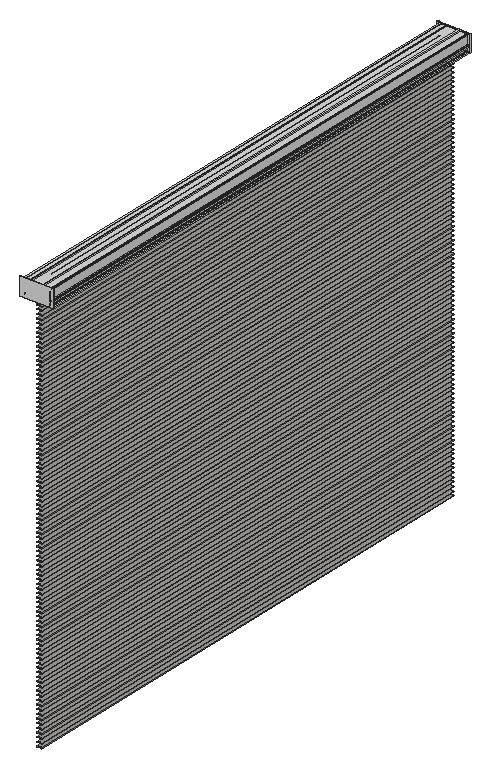
Revit family "BTBV120カーテン・バーチカルブラインド（別途）", category 一般モデル, Revit 2022
Family settings
  鉄筋をホスト可能 = いいえ
  丸型コネクタ寸法 = 直径を使用
  パーツ タイプ = 標準
  作業面ベース = はい
  常に垂直 = はい
  ロード時にボイドで切り取り = いいえ
  注釈の向きを維持 = いいえ
  共有 = いいえ
  部屋計算ポイント = いいえ
Parameters
  説明 = "㈱ツヅキ ボックストップ"
  製造元 = "㈱ツヅキ"
  色 = アルミニウム 6063S-T5 シルバー(R) (株)ツヅキ BT
  Default Elevation = 1219.2 mm
  ベネシャンブラインド表示/非表示 = yes
  ベネシャンブラインドスラット角度 = 0.00°
  バーチカルブラインド表示/非表示 = no
  カーテン開口率 = 50
  カーテン表示/非表示 = no
  カーテン・ブラインド長さ = L寸法 - 30 mm  # 2470 mm
  ブラインド スラット角度 = 15.00°
  カーテン・ブラインド高さ = 2000 mm
  カーテン・ブラインド 色 = ファブリック
  URL = "https://tuzuki.co.jp/cad/boxtop-cad/"
  L寸法 = 2500 mm
Reference planes
  plane 1 "中心(正面/背面)": y = 0
  plane 2: z = 0
  plane 3 "中心(左/右)": x = 0
  plane 4: y = -2500
  plane 5: x = -60
  plane 6: x = 60
  plane 7: y = -2502
  plane 8: y = 2
  plane 9: y = -2450
  plane 10 "カーテン取付レベル": z = 63.6
  plane 11: z = -1936.4
  plane 12: y = -2485
Forms (mm)
  Extrusion 1, solid, material "アルミニウム 6063S-T5 シルバー(R) (株)ツヅキ BT" <- "色"
    sketch origin (0, 0, 0) x (1, 0, 0) y (0, 0, 1)
      loop
        line (-65.516, 22.125) -> (-66.8, 21.383) -> (-66.8, 19.7) -> (-61.4, 19.7) -> (-61.4, 9.8)
        arc (-61.4, 9.8) -> (-61.1, 9.5) -> (-61.4, 9.2) r 0.3
        line (-61.4, 9.2) -> (-61.4, 5) -> (-63, 5) -> (-63, 3.7) -> (-61.4, 3.7) -> (-61.4, 1.5) -> (-78.7, 1.5) -> (-78.7, 3.7) -> (-77, 3.7) -> (-77, 5) -> (-80, 5) -> (-80, 0) -> (-70.3, 0)
        arc (-70.3, 0) -> (-70, 0.3) -> (-69.7, 0) r 0.3
        line (-69.7, 0) -> (-60, 0) -> (-60, 19.6) -> (-57.4, 19.6) -> (-57.4, 14.786) -> (-56.2, 13.741) -> (-56.2, 21) -> (-60, 21) -> (-60, 78.6) -> (0.185, 78.6) -> (60, 78.6) -> (60, 21) -> (56.2, 21) -> (56.2, 13.741) -> (57.4, 14.786) -> (57.4, 19.6) -> (60, 19.6) -> (60, 0) -> (69.911, 0) -> (80, 0) -> (80, 5) -> (77, 5) -> (77, 3.7) -> (78.7, 3.7) -> (78.7, 1.5) -> (61.4, 1.5) -> (61.4, 3.7) -> (63, 3.7) -> (63, 5) -> (61.4, 5) -> (61.4, 19.7) -> (66.8, 19.7) -> (66.8, 21.383) -> (65.516, 22.125)
        arc (65.516, 22.125) -> (62.25, 23) -> (65.516, 23.875) r 1.75
        line (65.516, 23.875) -> (66.8, 24.617) -> (66.8, 33) -> (65.6, 33) -> (65.419, 26.621)
        arc (65.419, 26.621) -> (65.221, 26.237) -> (64.797, 26.151) r 0.5
        arc (64.797, 26.151) -> (63.44, 26.201) -> (62.18, 25.693) r 3.25
        arc (62.18, 25.693) -> (61.665, 25.665) -> (61.4, 26.107) r 0.5
        line (61.4, 26.107) -> (61.4, 73.593)
        arc (61.4, 73.593) -> (61.665, 74.035) -> (62.18, 74.007) r 0.5
        arc (62.18, 74.007) -> (64.24, 73.459) -> (66.197, 74.305) r 3.25
        arc (66.197, 74.305) -> (66.243, 75.365) -> (65.183, 75.411) r 0.75
        arc (65.183, 75.411) -> (62.25, 76.7) -> (65.183, 77.989) r 1.75
        arc (65.183, 77.989) -> (66.107, 77.919) -> (66.395, 78.8) r 0.75
        line (66.395, 78.8) -> (69.8, 78.8) -> (69.8, 77.629) -> (71.73, 78.899)
        arc (71.73, 78.899) -> (71.975, 79.572) -> (71.4, 80) r 0.6
        line (71.4, 80) -> (33, 80) -> (33, 84.8) -> (27, 84.8) -> (27, 83.5) -> (31.7, 83.5) -> (31.7, 80) -> (-31.7, 80) -> (-31.7, 83.5) -> (-27, 83.5) -> (-27, 84.8) -> (-33, 84.8) -> (-33, 80) -> (-65.94, 80)
        arc (-65.94, 80) -> (-66.294, 79.854) -> (-66.44, 79.5) r 0.5
        line (-66.44, 79.5) -> (-66.44, 78.519)
        arc (-66.44, 78.519) -> (-65.982, 77.851) -> (-65.183, 77.989) r 0.75
        arc (-65.183, 77.989) -> (-62.25, 76.7) -> (-65.183, 75.411) r 1.75
        arc (-65.183, 75.411) -> (-66.243, 75.365) -> (-66.197, 74.305) r 0.75
        arc (-66.197, 74.305) -> (-64.24, 73.459) -> (-62.18, 74.007) r 3.25
        arc (-62.18, 74.007) -> (-61.665, 74.035) -> (-61.4, 73.593) r 0.5
        line (-61.4, 73.593) -> (-61.4, 26.107)
        arc (-61.4, 26.107) -> (-61.665, 25.665) -> (-62.18, 25.693) r 0.5
        arc (-62.18, 25.693) -> (-63.44, 26.201) -> (-64.797, 26.151) r 3.25
        arc (-64.797, 26.151) -> (-65.221, 26.237) -> (-65.419, 26.621) r 0.5
        line (-65.419, 26.621) -> (-65.6, 33) -> (-66.8, 33) -> (-66.8, 24.617) -> (-65.516, 23.875)
        arc (-65.516, 23.875) -> (-62.25, 23) -> (-65.516, 22.125) r 1.75
    from 0 to 2500
  Extrusion 2, solid, material "アルミニウム 6063S-T5 シルバー(R) (株)ツヅキ BT" <- "色"
    sketch origin (0, 0, 0) x (1, 0, 0) y (0, 0, 1)
      loop
        line (-80, 0) -> (80, 0) -> (80, 84.8) -> (-80, 84.8) -> (-80, 0)
    from 0 to -2
  Extrusion 3, solid, material "アルミニウム 6063S-T5 シルバー(R) (株)ツヅキ BT" <- "色"
    sketch origin (0, -1013.199, 0) x (1, 0, 0) y (0, 0, 1)
      loop
        line (-80, 0) -> (80, 0) -> (80, 84.8) -> (-80, 84.8) -> (-80, 0)
    from 1488.801 to 1486.801
Dimensions and locks
  equal spacing: plane 6, plane 3 "中心(左/右)", plane 5
  plane 6 to plane 5 = 120 mm
  "L寸法": plane 4 to plane 1 "中心(正面/背面)"  (x2)
  locked: plane 4 to plane 7 at 2
  locked: plane 1 "中心(正面/背面)" to plane 8 at 2
  locked: plane 4 to plane 9 at 50
  "カーテン・ブラインド高さ": plane 10 "カーテン取付レベル" to plane 11
  locked: plane 4 to plane 12 at 15
  aligned and locked: level to plane 2
  aligned and locked: Extrusion 1 to plane 1 "中心(正面/背面)"
  aligned and locked: plane 4 to Extrusion 1
  aligned and locked: plane 5 to Extrusion 1
  aligned and locked: plane 6 to Extrusion 1
  aligned and locked: plane 1 "中心(正面/背面)" to Extrusion 1
  aligned and locked: Extrusion 1 to plane 4
  aligned and locked: Extrusion 3 to plane 4
  aligned and locked: plane 1 "中心(正面/背面)" to Extrusion 2
  aligned and locked: plane 8 to Extrusion 2
  aligned and locked: plane 7 to Extrusion 3
  aligned and locked: nested 1 to plane 3 "中心(左/右)"
  aligned and locked: plane 10 "カーテン取付レベル" to nested 1
  aligned and locked: nested 1 to plane 9
  aligned and locked: plane 12 to nested 2
  aligned and locked: plane 10 "カーテン取付レベル" to nested 2
  aligned and locked: plane 11 to nested 2
  aligned and locked: nested 2 to plane 3 "中心(左/右)"
  aligned and locked: plane 10 "カーテン取付レベル" to nested 3
  aligned and locked: nested 3 to plane 12
Automatic sketch dimensions
  Extrusion 1 sketch curve to Extrusion 1 sketch curve = 0 mm  (x19)
  Extrusion 1 sketch curve to level = 0 mm  (x2)
  Extrusion 1 sketch curve to plane 5 = 0 mm  (x2)
  Extrusion 1 sketch curve to plane 6 = 0 mm  (x2)
  Extrusion 1 sketch curve to plane 5 = 1.4 mm  (x2)
  Extrusion 1 sketch curve to Extrusion 1 sketch curve = 0.5 mm  (x7)
  Extrusion 1 sketch curve to Extrusion 1 sketch curve = 1.6 mm  (x3)
  Extrusion 1 sketch curve to Extrusion 1 sketch curve = 2.1 mm  (x4)
  Extrusion 1 sketch curve to Extrusion 1 sketch curve = 3.02 mm  (x2)
  Extrusion 1 sketch curve to Extrusion 1 sketch curve = 1.516 mm  (x4)
  Extrusion 1 sketch curve to plane 5 = 5.6 mm
  Extrusion 1 sketch curve to Extrusion 1 sketch curve = 1.69 mm  (x4)
  Extrusion 1 sketch curve to Extrusion 1 sketch curve = 0.25 mm
  Extrusion 1 sketch curve to Extrusion 1 sketch curve = 1.284 mm  (x3)
  Extrusion 1 sketch curve to Extrusion 1 sketch curve = 1.2 mm  (x3)
  Extrusion 1 sketch curve to Extrusion 1 sketch curve = 6.7 mm  (x2)
  Extrusion 1 sketch curve to Extrusion 1 sketch curve = 0.3 mm  (x2)
  Extrusion 1 sketch curve to Extrusion 1 sketch curve = 1.7 mm  (x2)
  Extrusion 1 sketch curve to Extrusion 1 sketch curve = 1.3 mm  (x10)
  plane 5 to Extrusion 1 sketch curve = 2.6 mm
  plane 5 to Extrusion 1 sketch curve = 27 mm
  Extrusion 1 sketch curve to Extrusion 1 sketch curve = 4.7 mm  (x2)
  plane 3 "中心(左/右)" to Extrusion 1 sketch curve = 0.185 mm
  plane 3 "中心(左/右)" to Extrusion 1 sketch curve = 27 mm
  Extrusion 1 sketch curve to Extrusion 1 sketch curve = 3.8 mm
  plane 6 to Extrusion 1 sketch curve = 1.4 mm  (x2)
  plane 6 to Extrusion 1 sketch curve = 5.6 mm
  Extrusion 1 sketch curve to Extrusion 1 sketch curve = 0.704 mm
  Extrusion 1 sketch curve to Extrusion 1 sketch curve = 3.405 mm
  Extrusion 1 sketch curve to Extrusion 1 sketch curve = 6.911 mm
  Extrusion 1 sketch curve to Extrusion 1 sketch curve = 0.33 mm
  level to Extrusion 1 sketch curve = 3.7 mm
  Extrusion 1 sketch curve to Extrusion 1 sketch curve = 7.089 mm
  level to Extrusion 1 sketch curve = 1.5 mm  (x2)
  Extrusion 1 sketch curve to Extrusion 1 sketch curve = 2.2 mm  (x3)
  Extrusion 1 sketch curve to Extrusion 1 sketch curve = 4.2 mm
  Extrusion 1 sketch curve to Extrusion 1 sketch curve = 8.741 mm
  Extrusion 1 sketch curve to Extrusion 1 sketch curve = 3.941 mm
  Extrusion 1 sketch curve to Extrusion 1 sketch curve = 1.046 mm  (x2)
  Extrusion 1 sketch curve to Extrusion 1 sketch curve = 4.814 mm  (x2)
  Extrusion 1 sketch curve to Extrusion 1 sketch curve = 0.1 mm  (x2)
  Extrusion 1 sketch curve to Extrusion 1 sketch curve = 1.4 mm  (x2)
  Extrusion 1 sketch curve to Extrusion 1 sketch curve = 1.683 mm  (x2)
  Extrusion 1 sketch curve to Extrusion 1 sketch curve = 0.742 mm  (x4)
  Extrusion 1 sketch curve to Extrusion 1 sketch curve = 0.875 mm  (x2)
  Extrusion 1 sketch curve to Extrusion 1 sketch curve = 3.107 mm  (x2)
  Extrusion 1 sketch curve to Extrusion 1 sketch curve = 2.005 mm  (x2)
  Extrusion 1 sketch curve to Extrusion 1 sketch curve = 0.014 mm  (x2)
  Extrusion 1 sketch curve to Extrusion 1 sketch curve = 6.379 mm  (x2)
  Extrusion 1 sketch curve to Extrusion 1 sketch curve = 40.593 mm  (x2)
  Extrusion 1 sketch curve to Extrusion 1 sketch curve = 1.265 mm  (x2)
  Extrusion 1 sketch curve to Extrusion 1 sketch curve = 1.842 mm  (x3)
  Extrusion 1 sketch curve to Extrusion 1 sketch curve = 2.771 mm
  Extrusion 1 sketch curve to Extrusion 1 sketch curve = 1.819 mm
  Extrusion 1 sketch curve to Extrusion 1 sketch curve = 0.023 mm
  Extrusion 1 sketch curve to Extrusion 1 sketch curve = 1.9 mm
  Extrusion 1 sketch curve to Extrusion 1 sketch curve = 1.171 mm
  Extrusion 1 sketch curve to Extrusion 1 sketch curve = 0.099 mm
  Extrusion 1 sketch curve to Extrusion 1 sketch curve = 0.501 mm
  Extrusion 1 sketch curve to Extrusion 1 sketch curve = 0.981 mm
  Extrusion 1 sketch curve to Extrusion 1 sketch curve = 3.5 mm  (x2)
  Extrusion 2 sketch curve to level = 0 mm
  Extrusion 2 sketch curve to plane 5 = 20 mm
  plane 6 to Extrusion 2 sketch curve = 20 mm
  level to Extrusion 2 sketch curve = 84.8 mm
  Extrusion 3 sketch curve to level = 0 mm
  Extrusion 3 sketch curve to plane 5 = 20 mm
  plane 6 to Extrusion 3 sketch curve = 20 mm
  level to Extrusion 3 sketch curve = 84.8 mm
Nested families
  nested 1: "バーチカルブラインド（別途）" at (0, -2450, 63.6) x (-1, 0, 0) z (0, 0, -1), type "バーチカルブラインド（別途）"
    with 表示・非表示 no, ブラインド長さ 2470 mm, スラット枚数 25
  nested 2: "カーテン（別途）" at (0, -2485, 63.6) x (0, 1, 0) z (0, 0, 1), type "カーテン（別途）"
    with 開口率 調整 50, 開口率 50, 長さ 2470 mm, カーテン表示 no, カーテン畳み代 1235 mm, カーテン幅 100 mm
  nested 3: "ベネシャンブラインド（別途）" at (0, -15, 63.6) x (-1, 0, 0) z (0, 0, 1), visible <- "ベネシャンブラインド表示/非表示", type "ベネシャンブラインド（別途）"
    with ブラインド長さ 2470 mm, スラット角度 0.00°
Definition of nested family "ベネシャンブラインド（別途）"
  Parameters (values of type "ベネシャンブラインド（別途）")
    スラットピッチ = 20 mm
    表示非表示 = yes
    ブラインド高さ = 2000 mm
    ブラインド長さ = 1200 mm
    スラット角度 = 60.00°
    Default Elevation = 0 mm
    スラット色 = none
    スラット枚数 = (ブラインド高さ - 50 mm) / スラットピッチ  # 98
  Reference planes
    plane 1 "中心(正面/背面)": y = 0
    plane 2: z = 0
    plane 3 "中心(左/右)": x = 0
    plane 4: y = 1200
    plane 5: z = -44.577
    plane 6: z = -64.577
    plane 7: z = -84.577
    plane 8: z = -104.577
    plane 9: z = -124.577
    plane 10: z = -144.577
    plane 11: z = -164.577
    plane 12: z = -184.577
    plane 13: z = -204.577
    plane 14: z = -224.577
    plane 15: z = -244.577
    plane 16: z = -264.577
    plane 17: z = -284.577
    plane 18: z = -304.577
    plane 19: z = -324.577
    plane 20: z = -344.577
    plane 21: z = -364.577
    plane 22: z = -384.577
    plane 23: z = -404.577
    plane 24: z = -424.577
    plane 25: z = -444.577
    plane 26: z = -464.577
    plane 27: z = -484.577
    plane 28: z = -504.577
    plane 29: z = -524.577
    plane 30: z = -544.577
    plane 31: z = -564.577
    plane 32: z = -584.577
    plane 33: z = -604.577
    plane 34: z = -624.577
    plane 35: z = -644.577
    plane 36: z = -664.577
    plane 37: z = -684.577
    plane 38: z = -704.577
    plane 39: z = -724.577
    plane 40: z = -744.577
    plane 41: z = -764.577
    plane 42: z = -784.577
    plane 43: z = -804.577
    plane 44: z = -824.577
    plane 45: z = -844.577
    plane 46: z = -864.577
    plane 47: z = -884.577
    plane 48: z = -904.577
    plane 49: z = -924.577
    plane 50: z = -944.577
    plane 51: z = -964.577
    plane 52: z = -984.577
    plane 53: z = -1004.577
    plane 54: z = -1024.577
    plane 55: z = -1044.577
    plane 56: z = -1064.577
    plane 57: z = -1084.577
    plane 58: z = -1104.577
    plane 59: z = -1124.577
    plane 60: z = -1144.577
    plane 61: z = -1164.577
    plane 62: z = -1184.577
    plane 63: z = -1204.577
    plane 64: z = -1224.577
    plane 65: z = -1244.577
    plane 66: z = -1264.577
    plane 67: z = -1284.577
    plane 68: z = -1304.577
    plane 69: z = -1324.577
    plane 70: z = -1344.577
    plane 71: z = -1364.577
    plane 72: z = -1384.577
    plane 73: z = -1404.577
    plane 74: z = -1424.577
    plane 75: z = -1444.577
    plane 76: z = -1464.577
    plane 77: z = -1484.577
    plane 78: z = -1504.577
    plane 79: z = -1524.577
    plane 80: z = -1544.577
    plane 81: z = -1564.577
    plane 82: z = -1584.577
    plane 83: z = -1604.577
    plane 84: z = -1624.577
    plane 85: z = -1644.577
    plane 86: z = -1664.577
    plane 87: z = -1684.577
    plane 88: z = -1704.577
    plane 89: z = -1724.577
    plane 90: z = -1744.577
    plane 91: z = -1764.577
    plane 92: z = -1784.577
    plane 93: z = -1804.577
    plane 94: z = -1824.577
    plane 95: z = -1844.577
    plane 96: z = -1864.577
    plane 97: z = -1884.577
    plane 98: z = -1904.577
    plane 99: z = -1924.577
    plane 100: z = -1944.577
    plane 101: z = -1964.577
    plane 102: z = -1984.577
  Forms (mm)
    Extrusion 1, solid, material <- "スラット色", visible <- "表示非表示"
      sketch origin (0, 0, 0) x (1, 0, 0) y (0, 0, 1)
        loop
          line (-27, 0) -> (-27, -37) -> (27, -37) -> (27, 0) -> (-27, 0)
      from -1200 to 0
  Dimensions and locks
    equal spacing: group 1, group 2, group 3, group 4, group 5, group 6, group 7, group 8, group 9, group 10, group 11, group 12, group 13, group 14, group 15, group 16, group 17, group 18, group 19, group 20, group 21, group 22, group 23, group 24, group 25, group 26, group 27, group 28, group 29, group 30, group 31, group 32, group 33, group 34, group 35, group 36, group 37, group 38, group 39, group 40, group 41, group 42, group 43, group 44, group 45, group 46, group 47, group 48, group 49, group 50, group 51, group 52, group 53, group 54, group 55, group 56, group 57, group 58, group 59, group 60, group 61, group 62, group 63, group 64, group 65, group 66, group 67, group 68, group 69, group 70, group 71, group 72, group 73, group 74, group 75, group 76, group 77, group 78, group 79, group 80, group 81, group 82, group 83, group 84, group 85, group 86, group 87, group 88, group 89, group 90, group 91, group 92, group 93, group 94, group 95, group 96, group 97, group 98  (x2)
    equal spacing: group 98, group 97, group 96, group 95, group 94, group 93, group 92, group 91, group 90, group 89, group 88, group 87, group 86, group 85, group 84, group 83, group 82, group 81, group 80, group 79, group 78, group 77, group 76, group 75, group 74, group 73, group 72, group 71, group 70, group 69, group 68, group 67, group 66, group 65, group 64, group 63, group 62, group 61, group 60, group 59, group 58, group 57, group 56, group 55, group 54, group 53, group 52, group 51, group 50, group 49, group 48, group 47, group 46, group 45, group 44, group 43, group 42, group 41, group 40, group 39, group 38, group 37, group 36, group 35, group 34, group 33, group 32, group 31, group 30, group 29, group 28, group 27, group 26, group 25, group 24, group 23, group 22, group 21, group 20, group 19, group 18, group 17, group 16, group 15, group 14, group 13, group 12, group 11, group 10, group 9, group 8, group 7, group 6, group 5, group 4, group 3, group 2, group 1
    "ブラインド長さ": plane 1 "中心(正面/背面)" to plane 4
    "スラットピッチ": plane 5 to plane 6
    aligned and locked: level to plane 2
    aligned and locked: nested 1 to plane 4
    aligned and locked: nested 1 to Extrusion 1
    aligned and locked: plane 1 "中心(正面/背面)" to Extrusion 1
    aligned and locked: Extrusion 1 to plane 1 "中心(正面/背面)"
    aligned and locked: Extrusion 1 to plane 4
    aligned and locked: nested 1 to plane 5
    aligned and locked: nested 2 to plane 6
    aligned and locked: nested 3 to plane 7
    aligned and locked: nested 4 to plane 8
    aligned and locked: nested 5 to plane 9
    aligned and locked: nested 6 to plane 10
    aligned and locked: nested 7 to plane 11
    aligned and locked: nested 8 to plane 12
    aligned and locked: nested 9 to plane 13
    aligned and locked: nested 10 to plane 14
    aligned and locked: nested 11 to plane 15
    aligned and locked: nested 12 to plane 16
    aligned and locked: nested 13 to plane 17
    aligned and locked: nested 14 to plane 18
    aligned and locked: nested 15 to plane 19
    aligned and locked: nested 16 to plane 20
    aligned and locked: nested 17 to plane 21
    aligned and locked: nested 18 to plane 22
    aligned and locked: nested 19 to plane 23
    aligned and locked: nested 20 to plane 24
    aligned and locked: nested 21 to plane 25
    aligned and locked: nested 22 to plane 26
    aligned and locked: nested 23 to plane 27
    aligned and locked: nested 24 to plane 28
    aligned and locked: nested 25 to plane 29
    aligned and locked: nested 26 to plane 30
    aligned and locked: nested 27 to plane 31
    aligned and locked: nested 28 to plane 32
    aligned and locked: nested 29 to plane 33
    aligned and locked: nested 30 to plane 34
    aligned and locked: nested 31 to plane 35
    aligned and locked: nested 32 to plane 36
    aligned and locked: nested 33 to plane 37
    aligned and locked: nested 34 to plane 38
    aligned and locked: nested 35 to plane 39
    aligned and locked: nested 36 to plane 40
    aligned and locked: nested 37 to plane 41
    aligned and locked: nested 38 to plane 42
    aligned and locked: nested 39 to plane 43
    aligned and locked: nested 40 to plane 44
    aligned and locked: nested 41 to plane 45
    aligned and locked: nested 42 to plane 46
    aligned and locked: nested 43 to plane 47
    aligned and locked: nested 44 to plane 48
    aligned and locked: nested 45 to plane 49
    aligned and locked: nested 46 to plane 50
    aligned and locked: nested 47 to plane 51
    aligned and locked: nested 48 to plane 52
    aligned and locked: nested 49 to plane 53
    aligned and locked: nested 50 to plane 54
    aligned and locked: nested 51 to plane 55
    aligned and locked: nested 52 to plane 56
    aligned and locked: nested 53 to plane 57
    aligned and locked: nested 54 to plane 58
    aligned and locked: nested 55 to plane 59
    aligned and locked: nested 56 to plane 60
    aligned and locked: nested 57 to plane 61
    aligned and locked: nested 58 to plane 62
    aligned and locked: nested 59 to plane 63
    aligned and locked: nested 60 to plane 64
    aligned and locked: nested 61 to plane 65
    aligned and locked: nested 62 to plane 66
    aligned and locked: nested 63 to plane 67
    aligned and locked: nested 64 to plane 68
    aligned and locked: nested 65 to plane 69
    aligned and locked: nested 66 to plane 70
    aligned and locked: nested 67 to plane 71
    aligned and locked: nested 68 to plane 72
    aligned and locked: nested 69 to plane 73
    aligned and locked: nested 70 to plane 74
    aligned and locked: nested 71 to plane 75
    aligned and locked: nested 72 to plane 76
    aligned and locked: nested 73 to plane 77
    aligned and locked: nested 74 to plane 78
    aligned and locked: nested 75 to plane 79
    aligned and locked: nested 76 to plane 80
    aligned and locked: nested 77 to plane 81
    aligned and locked: nested 78 to plane 82
    aligned and locked: nested 79 to plane 83
    aligned and locked: nested 80 to plane 84
    aligned and locked: nested 81 to plane 85
    aligned and locked: nested 82 to plane 86
    aligned and locked: nested 83 to plane 87
    aligned and locked: nested 84 to plane 88
    aligned and locked: nested 85 to plane 89
    aligned and locked: nested 86 to plane 90
    aligned and locked: nested 87 to plane 91
    aligned and locked: nested 88 to plane 92
    aligned and locked: nested 89 to plane 93
    aligned and locked: nested 90 to plane 94
    aligned and locked: nested 91 to plane 95
    aligned and locked: nested 92 to plane 96
    aligned and locked: nested 93 to plane 97
    aligned and locked: nested 94 to plane 98
    aligned and locked: nested 95 to plane 99
    aligned and locked: nested 96 to plane 100
    aligned and locked: nested 97 to plane 101
    aligned and locked: nested 98 to plane 102
  Automatic sketch dimensions
    Extrusion 1 sketch curve to level = 0 mm
    Extrusion 1 sketch curve to plane 3 "中心(左/右)" = 27 mm
    plane 3 "中心(左/右)" to Extrusion 1 sketch curve = 27 mm
    Extrusion 1 sketch curve to level = 37 mm
  Nested families
    nested 1: "スラットB" at (0, 0, -55.414), visible <- "表示非表示", type "スラットB"
      with 角度 60.00°, スラット長さ 1200 mm
    nested 2: "スラットB" at (0, 0, -75.414), visible <- "表示非表示", type "スラットB"
      with 角度 60.00°, スラット長さ 1200 mm
    nested 3: "スラットB" at (0, 0, -95.414), visible <- "表示非表示", type "スラットB"
      with 角度 60.00°, スラット長さ 1200 mm
    nested 4: "スラットB" at (0, 0, -115.414), visible <- "表示非表示", type "スラットB"
      with 角度 60.00°, スラット長さ 1200 mm
    nested 5: "スラットB" at (0, 0, -135.414), visible <- "表示非表示", type "スラットB"
      with 角度 60.00°, スラット長さ 1200 mm
    nested 6: "スラットB" at (0, 0, -155.414), visible <- "表示非表示", type "スラットB"
      with 角度 60.00°, スラット長さ 1200 mm
    nested 7: "スラットB" at (0, 0, -175.414), visible <- "表示非表示", type "スラットB"
      with 角度 60.00°, スラット長さ 1200 mm
    nested 8: "スラットB" at (0, 0, -195.414), visible <- "表示非表示", type "スラットB"
      with 角度 60.00°, スラット長さ 1200 mm
    nested 9: "スラットB" at (0, 0, -215.414), visible <- "表示非表示", type "スラットB"
      with 角度 60.00°, スラット長さ 1200 mm
    nested 10: "スラットB" at (0, 0, -235.414), visible <- "表示非表示", type "スラットB"
      with 角度 60.00°, スラット長さ 1200 mm
    nested 11: "スラットB" at (0, 0, -255.414), visible <- "表示非表示", type "スラットB"
      with 角度 60.00°, スラット長さ 1200 mm
    nested 12: "スラットB" at (0, 0, -275.414), visible <- "表示非表示", type "スラットB"
      with 角度 60.00°, スラット長さ 1200 mm
    nested 13: "スラットB" at (0, 0, -295.414), visible <- "表示非表示", type "スラットB"
      with 角度 60.00°, スラット長さ 1200 mm
    nested 14: "スラットB" at (0, 0, -315.414), visible <- "表示非表示", type "スラットB"
      with 角度 60.00°, スラット長さ 1200 mm
    nested 15: "スラットB" at (0, 0, -335.414), visible <- "表示非表示", type "スラットB"
      with 角度 60.00°, スラット長さ 1200 mm
    nested 16: "スラットB" at (0, 0, -355.414), visible <- "表示非表示", type "スラットB"
      with 角度 60.00°, スラット長さ 1200 mm
    nested 17: "スラットB" at (0, 0, -375.414), visible <- "表示非表示", type "スラットB"
      with 角度 60.00°, スラット長さ 1200 mm
    nested 18: "スラットB" at (0, 0, -395.414), visible <- "表示非表示", type "スラットB"
      with 角度 60.00°, スラット長さ 1200 mm
    nested 19: "スラットB" at (0, 0, -415.414), visible <- "表示非表示", type "スラットB"
      with 角度 60.00°, スラット長さ 1200 mm
    nested 20: "スラットB" at (0, 0, -435.414), visible <- "表示非表示", type "スラットB"
      with 角度 60.00°, スラット長さ 1200 mm
    nested 21: "スラットB" at (0, 0, -455.414), visible <- "表示非表示", type "スラットB"
      with 角度 60.00°, スラット長さ 1200 mm
    nested 22: "スラットB" at (0, 0, -475.414), visible <- "表示非表示", type "スラットB"
      with 角度 60.00°, スラット長さ 1200 mm
    nested 23: "スラットB" at (0, 0, -495.414), visible <- "表示非表示", type "スラットB"
      with 角度 60.00°, スラット長さ 1200 mm
    nested 24: "スラットB" at (0, 0, -515.414), visible <- "表示非表示", type "スラットB"
      with 角度 60.00°, スラット長さ 1200 mm
    nested 25: "スラットB" at (0, 0, -535.414), visible <- "表示非表示", type "スラットB"
      with 角度 60.00°, スラット長さ 1200 mm
    nested 26: "スラットB" at (0, 0, -555.414), visible <- "表示非表示", type "スラットB"
      with 角度 60.00°, スラット長さ 1200 mm
    nested 27: "スラットB" at (0, 0, -575.414), visible <- "表示非表示", type "スラットB"
      with 角度 60.00°, スラット長さ 1200 mm
    nested 28: "スラットB" at (0, 0, -595.414), visible <- "表示非表示", type "スラットB"
      with 角度 60.00°, スラット長さ 1200 mm
    nested 29: "スラットB" at (0, 0, -615.414), visible <- "表示非表示", type "スラットB"
      with 角度 60.00°, スラット長さ 1200 mm
    nested 30: "スラットB" at (0, 0, -635.414), visible <- "表示非表示", type "スラットB"
      with 角度 60.00°, スラット長さ 1200 mm
    nested 31: "スラットB" at (0, 0, -655.414), visible <- "表示非表示", type "スラットB"
      with 角度 60.00°, スラット長さ 1200 mm
    nested 32: "スラットB" at (0, 0, -675.414), visible <- "表示非表示", type "スラットB"
      with 角度 60.00°, スラット長さ 1200 mm
    nested 33: "スラットB" at (0, 0, -695.414), visible <- "表示非表示", type "スラットB"
      with 角度 60.00°, スラット長さ 1200 mm
    nested 34: "スラットB" at (0, 0, -715.414), visible <- "表示非表示", type "スラットB"
      with 角度 60.00°, スラット長さ 1200 mm
    nested 35: "スラットB" at (0, 0, -735.414), visible <- "表示非表示", type "スラットB"
      with 角度 60.00°, スラット長さ 1200 mm
    nested 36: "スラットB" at (0, 0, -755.414), visible <- "表示非表示", type "スラットB"
      with 角度 60.00°, スラット長さ 1200 mm
    nested 37: "スラットB" at (0, 0, -775.414), visible <- "表示非表示", type "スラットB"
      with 角度 60.00°, スラット長さ 1200 mm
    nested 38: "スラットB" at (0, 0, -795.414), visible <- "表示非表示", type "スラットB"
      with 角度 60.00°, スラット長さ 1200 mm
    nested 39: "スラットB" at (0, 0, -815.414), visible <- "表示非表示", type "スラットB"
      with 角度 60.00°, スラット長さ 1200 mm
    nested 40: "スラットB" at (0, 0, -835.414), visible <- "表示非表示", type "スラットB"
      with 角度 60.00°, スラット長さ 1200 mm
    nested 41: "スラットB" at (0, 0, -855.414), visible <- "表示非表示", type "スラットB"
      with 角度 60.00°, スラット長さ 1200 mm
    nested 42: "スラットB" at (0, 0, -875.414), visible <- "表示非表示", type "スラットB"
      with 角度 60.00°, スラット長さ 1200 mm
    nested 43: "スラットB" at (0, 0, -895.414), visible <- "表示非表示", type "スラットB"
      with 角度 60.00°, スラット長さ 1200 mm
    nested 44: "スラットB" at (0, 0, -915.414), visible <- "表示非表示", type "スラットB"
      with 角度 60.00°, スラット長さ 1200 mm
    nested 45: "スラットB" at (0, 0, -935.414), visible <- "表示非表示", type "スラットB"
      with 角度 60.00°, スラット長さ 1200 mm
    nested 46: "スラットB" at (0, 0, -955.414), visible <- "表示非表示", type "スラットB"
      with 角度 60.00°, スラット長さ 1200 mm
    nested 47: "スラットB" at (0, 0, -975.414), visible <- "表示非表示", type "スラットB"
      with 角度 60.00°, スラット長さ 1200 mm
    nested 48: "スラットB" at (0, 0, -995.414), visible <- "表示非表示", type "スラットB"
      with 角度 60.00°, スラット長さ 1200 mm
    nested 49: "スラットB" at (0, 0, -1015.414), visible <- "表示非表示", type "スラットB"
      with 角度 60.00°, スラット長さ 1200 mm
    nested 50: "スラットB" at (0, 0, -1035.414), visible <- "表示非表示", type "スラットB"
      with 角度 60.00°, スラット長さ 1200 mm
    nested 51: "スラットB" at (0, 0, -1055.414), visible <- "表示非表示", type "スラットB"
      with 角度 60.00°, スラット長さ 1200 mm
    nested 52: "スラットB" at (0, 0, -1075.414), visible <- "表示非表示", type "スラットB"
      with 角度 60.00°, スラット長さ 1200 mm
    nested 53: "スラットB" at (0, 0, -1095.414), visible <- "表示非表示", type "スラットB"
      with 角度 60.00°, スラット長さ 1200 mm
    nested 54: "スラットB" at (0, 0, -1115.414), visible <- "表示非表示", type "スラットB"
      with 角度 60.00°, スラット長さ 1200 mm
    nested 55: "スラットB" at (0, 0, -1135.414), visible <- "表示非表示", type "スラットB"
      with 角度 60.00°, スラット長さ 1200 mm
    nested 56: "スラットB" at (0, 0, -1155.414), visible <- "表示非表示", type "スラットB"
      with 角度 60.00°, スラット長さ 1200 mm
    nested 57: "スラットB" at (0, 0, -1175.414), visible <- "表示非表示", type "スラットB"
      with 角度 60.00°, スラット長さ 1200 mm
    nested 58: "スラットB" at (0, 0, -1195.414), visible <- "表示非表示", type "スラットB"
      with 角度 60.00°, スラット長さ 1200 mm
    nested 59: "スラットB" at (0, 0, -1215.414), visible <- "表示非表示", type "スラットB"
      with 角度 60.00°, スラット長さ 1200 mm
    nested 60: "スラットB" at (0, 0, -1235.414), visible <- "表示非表示", type "スラットB"
      with 角度 60.00°, スラット長さ 1200 mm
    nested 61: "スラットB" at (0, 0, -1255.414), visible <- "表示非表示", type "スラットB"
      with 角度 60.00°, スラット長さ 1200 mm
    nested 62: "スラットB" at (0, 0, -1275.414), visible <- "表示非表示", type "スラットB"
      with 角度 60.00°, スラット長さ 1200 mm
    nested 63: "スラットB" at (0, 0, -1295.414), visible <- "表示非表示", type "スラットB"
      with 角度 60.00°, スラット長さ 1200 mm
    nested 64: "スラットB" at (0, 0, -1315.414), visible <- "表示非表示", type "スラットB"
      with 角度 60.00°, スラット長さ 1200 mm
    nested 65: "スラットB" at (0, 0, -1335.414), visible <- "表示非表示", type "スラットB"
      with 角度 60.00°, スラット長さ 1200 mm
    nested 66: "スラットB" at (0, 0, -1355.414), visible <- "表示非表示", type "スラットB"
      with 角度 60.00°, スラット長さ 1200 mm
    nested 67: "スラットB" at (0, 0, -1375.414), visible <- "表示非表示", type "スラットB"
      with 角度 60.00°, スラット長さ 1200 mm
    nested 68: "スラットB" at (0, 0, -1395.414), visible <- "表示非表示", type "スラットB"
      with 角度 60.00°, スラット長さ 1200 mm
    nested 69: "スラットB" at (0, 0, -1415.414), visible <- "表示非表示", type "スラットB"
      with 角度 60.00°, スラット長さ 1200 mm
    nested 70: "スラットB" at (0, 0, -1435.414), visible <- "表示非表示", type "スラットB"
      with 角度 60.00°, スラット長さ 1200 mm
    nested 71: "スラットB" at (0, 0, -1455.414), visible <- "表示非表示", type "スラットB"
      with 角度 60.00°, スラット長さ 1200 mm
    nested 72: "スラットB" at (0, 0, -1475.414), visible <- "表示非表示", type "スラットB"
      with 角度 60.00°, スラット長さ 1200 mm
    nested 73: "スラットB" at (0, 0, -1495.414), visible <- "表示非表示", type "スラットB"
      with 角度 60.00°, スラット長さ 1200 mm
    nested 74: "スラットB" at (0, 0, -1515.414), visible <- "表示非表示", type "スラットB"
      with 角度 60.00°, スラット長さ 1200 mm
    nested 75: "スラットB" at (0, 0, -1535.414), visible <- "表示非表示", type "スラットB"
      with 角度 60.00°, スラット長さ 1200 mm
    nested 76: "スラットB" at (0, 0, -1555.414), visible <- "表示非表示", type "スラットB"
      with 角度 60.00°, スラット長さ 1200 mm
    nested 77: "スラットB" at (0, 0, -1575.414), visible <- "表示非表示", type "スラットB"
      with 角度 60.00°, スラット長さ 1200 mm
    nested 78: "スラットB" at (0, 0, -1595.414), visible <- "表示非表示", type "スラットB"
      with 角度 60.00°, スラット長さ 1200 mm
    nested 79: "スラットB" at (0, 0, -1615.414), visible <- "表示非表示", type "スラットB"
      with 角度 60.00°, スラット長さ 1200 mm
    nested 80: "スラットB" at (0, 0, -1635.414), visible <- "表示非表示", type "スラットB"
      with 角度 60.00°, スラット長さ 1200 mm
    nested 81: "スラットB" at (0, 0, -1655.414), visible <- "表示非表示", type "スラットB"
      with 角度 60.00°, スラット長さ 1200 mm
    nested 82: "スラットB" at (0, 0, -1675.414), visible <- "表示非表示", type "スラットB"
      with 角度 60.00°, スラット長さ 1200 mm
    nested 83: "スラットB" at (0, 0, -1695.414), visible <- "表示非表示", type "スラットB"
      with 角度 60.00°, スラット長さ 1200 mm
    nested 84: "スラットB" at (0, 0, -1715.414), visible <- "表示非表示", type "スラットB"
      with 角度 60.00°, スラット長さ 1200 mm
    nested 85: "スラットB" at (0, 0, -1735.414), visible <- "表示非表示", type "スラットB"
      with 角度 60.00°, スラット長さ 1200 mm
    nested 86: "スラットB" at (0, 0, -1755.414), visible <- "表示非表示", type "スラットB"
      with 角度 60.00°, スラット長さ 1200 mm
    nested 87: "スラットB" at (0, 0, -1775.414), visible <- "表示非表示", type "スラットB"
      with 角度 60.00°, スラット長さ 1200 mm
    nested 88: "スラットB" at (0, 0, -1795.414), visible <- "表示非表示", type "スラットB"
      with 角度 60.00°, スラット長さ 1200 mm
    nested 89: "スラットB" at (0, 0, -1815.414), visible <- "表示非表示", type "スラットB"
      with 角度 60.00°, スラット長さ 1200 mm
    nested 90: "スラットB" at (0, 0, -1835.414), visible <- "表示非表示", type "スラットB"
      with 角度 60.00°, スラット長さ 1200 mm
    nested 91: "スラットB" at (0, 0, -1855.414), visible <- "表示非表示", type "スラットB"
      with 角度 60.00°, スラット長さ 1200 mm
    nested 92: "スラットB" at (0, 0, -1875.414), visible <- "表示非表示", type "スラットB"
      with 角度 60.00°, スラット長さ 1200 mm
    nested 93: "スラットB" at (0, 0, -1895.414), visible <- "表示非表示", type "スラットB"
      with 角度 60.00°, スラット長さ 1200 mm
    nested 94: "スラットB" at (0, 0, -1915.414), visible <- "表示非表示", type "スラットB"
      with 角度 60.00°, スラット長さ 1200 mm
    nested 95: "スラットB" at (0, 0, -1935.414), visible <- "表示非表示", type "スラットB"
      with 角度 60.00°, スラット長さ 1200 mm
    nested 96: "スラットB" at (0, 0, -1955.414), visible <- "表示非表示", type "スラットB"
      with 角度 60.00°, スラット長さ 1200 mm
    nested 97: "スラットB" at (0, 0, -1975.414), visible <- "表示非表示", type "スラットB"
      with 角度 60.00°, スラット長さ 1200 mm
    nested 98: "スラットB" at (0, 0, -1995.414), visible <- "表示非表示", type "スラットB"
      with 角度 60.00°, スラット長さ 1200 mm
  Definition of nested family "スラットB"
    Parameters (values of type "スラットB")
      角度 = 30.00°
      Default Elevation = 0 mm
      スラット長さ = 1100 mm
      スラット色 = none
    Reference planes
      plane 1 "中心(正面/背面)": y = 0
      plane 2: z = 0
      plane 3 "中心(左/右)": x = 0
      plane 4: y = 1100
    Forms (mm)
      Extrusion 1, solid, material <- "スラット色"
        sketch origin (0, 0, 0) x (0.866025, 0, 0.5) y (-0.5, 0, 0.866025)
          loop
            arc (-12.244, -0.735) -> (0, 1.28) -> (12.244, -0.735) r 38.2
            line (12.244, -0.735) -> (12.5, 0.023)
            arc (12.5, 0.023) -> (0, 2.08) -> (-12.5, 0.023) r 39
            line (-12.5, 0.023) -> (-12.244, -0.735)
        from 0 to -1100
    Lines and regions (mm)
      reference lines
        curve 1: line (0, 0, 0) -> (84.675, 0, 48.887)
    Dimensions and locks
      "スラット長さ": plane 1 "中心(正面/背面)" to plane 4
      "角度": angle plane 2 to curve 1
      aligned and locked: level to plane 2
      aligned and locked: plane 3 "中心(左/右)" to curve 1
      aligned and locked: Extrusion 1 to plane 4
    Automatic sketch dimensions
      Extrusion 1 sketch curve to Extrusion 1 sketch curve = 0 mm  (x4)
      Extrusion 1 sketch curve to Extrusion 1 sketch curve = 0.256 mm  (x2)
      curve 1 to level = 0 mm
      Extrusion 1 sketch curve to Extrusion 1 sketch curve = 12.244 mm
      Extrusion 1 sketch curve to Extrusion 1 sketch curve = 24.487 mm
      Extrusion 1 sketch curve to Extrusion 1 sketch curve = 36.185 mm
      Extrusion 1 sketch curve to Extrusion 1 sketch curve = 0.758 mm
      curve 1 to Extrusion 1 sketch curve = 0 mm
      Extrusion 1 sketch curve to curve 1 = 36.92 mm
Definition of nested family "カーテン（別途）"
  Parameters (values of type "カーテン（別途）")
    開口率 調整 = if(開口率 < 10, 10, if(開口率 > 100, 100, 開口率))  # 100
    開口率 = 100
    長さ = 4000 mm
    Default Elevation = 0 mm
    カーテン高さ = 2000 mm
    カーテン表示 = yes
    カーテン色 = none
    カーテン畳み代 = (開口率 調整 / 100) * (長さ)  # 4000 mm
    カーテン幅 = 150 mm
  Reference planes
    plane 1 "中心(正面/背面)": y = 0
    plane 2: z = 0
    plane 3 "中心(左/右)": x = 0
    plane 4: y = 70
    plane 5: y = -70
    plane 6: y = 75
    plane 7: y = -75
    plane 8: x = 200
    plane 9: x = 400
    plane 10: x = 4000
    plane 11: x = 600
    plane 12: x = 800
    plane 13: x = 1000
    plane 14: x = 1200
    plane 15: x = 1400
    plane 16: x = 1600
    plane 17: x = 1800
    plane 18: x = 2000
    plane 19: x = 2200
    plane 20: x = 2400
    plane 21: x = 2600
    plane 22: x = 2800
    plane 23: x = 3000
    plane 24: x = 3200
    plane 25: x = 3400
    plane 26: x = 3600
    plane 27: x = 3800
    plane 28: x = 4000
    plane 29: z = -2000
  Forms (mm)
    Sweep 1, solid, material <- "カーテン色", visible <- "カーテン表示"
      path origin (0, 0, 0) x (1, 0, 0) y (0, 1, 0)
        loop
          line (0, 75) -> (195.241, -71.533)
          arc (195.241, -71.533) -> (200, -75) -> (204.759, -71.533) r 5
          line (204.759, -71.533) -> (395.263, 71.6)
          arc (395.263, 71.6) -> (400, 75) -> (404.737, 71.6) r 5
          line (404.737, 71.6) -> (595.241, -71.533)
          arc (595.241, -71.533) -> (600, -75) -> (604.759, -71.533) r 5
          line (604.759, -71.533) -> (795.263, 71.6)
          arc (795.263, 71.6) -> (800, 75) -> (804.737, 71.6) r 5
          line (804.737, 71.6) -> (995.241, -71.533)
          arc (995.241, -71.533) -> (1000, -75) -> (1004.759, -71.533) r 5
          line (1004.759, -71.533) -> (1195.263, 71.6)
          arc (1195.263, 71.6) -> (1200, 75) -> (1204.737, 71.6) r 5
          line (1204.737, 71.6) -> (1395.241, -71.533)
          arc (1395.241, -71.533) -> (1400, -75) -> (1404.759, -71.533) r 5
          line (1404.759, -71.533) -> (1595.263, 71.6)
          arc (1595.263, 71.6) -> (1600, 75) -> (1604.737, 71.6) r 5
          line (1604.737, 71.6) -> (1795.241, -71.533)
          arc (1795.241, -71.533) -> (1800, -75) -> (1804.759, -71.533) r 5
          line (1804.759, -71.533) -> (1995.263, 71.6)
          arc (1995.263, 71.6) -> (2000, 75) -> (2004.737, 71.6) r 5
          line (2004.737, 71.6) -> (2195.241, -71.533)
          arc (2195.241, -71.533) -> (2200, -75) -> (2204.759, -71.533) r 5
          line (2204.759, -71.533) -> (2395.263, 71.6)
          arc (2395.263, 71.6) -> (2400, 75) -> (2404.737, 71.6) r 5
          line (2404.737, 71.6) -> (2595.241, -71.533)
          arc (2595.241, -71.533) -> (2600, -75) -> (2604.759, -71.533) r 5
          line (2604.759, -71.533) -> (2795.263, 71.6)
          arc (2795.263, 71.6) -> (2800, 75) -> (2804.737, 71.6) r 5
          line (2804.737, 71.6) -> (2995.241, -71.533)
          arc (2995.241, -71.533) -> (3000, -75) -> (3004.759, -71.533) r 5
          line (3004.759, -71.533) -> (3195.263, 71.6)
          arc (3195.263, 71.6) -> (3200, 75) -> (3204.737, 71.6) r 5
          line (3204.737, 71.6) -> (3395.241, -71.533)
          arc (3395.241, -71.533) -> (3400, -75) -> (3404.759, -71.533) r 5
          line (3404.759, -71.533) -> (3595.263, 71.6)
          arc (3595.263, 71.6) -> (3600, 75) -> (3604.737, 71.6) r 5
          line (3604.737, 71.6) -> (3795.241, -71.533)
          arc (3795.241, -71.533) -> (3800, -75) -> (3804.759, -71.533) r 5
          line (3804.759, -71.533) -> (4000, 75)
      profile origin (97.62, 1.733, 0) x (0.600269, 0.799799, 0) y (0, 0, 1)
        loop
          line (2, 0) -> (-1, 0) -> (-1, -2000) -> (2, -2000) -> (2, 0)
  Lines and regions (mm)
    reference lines
      curve 1: circle (200, -70, 0) r 5 normal (0, 0, 1)
      curve 2: circle (400, 70, 0) r 5 normal (0, 0, 1)
      curve 3: circle (600, -70, 0) r 5 normal (0, 0, 1)
      curve 4: circle (800, 70, 0) r 5 normal (0, 0, 1)
      curve 5: circle (1000, -70, 0) r 5 normal (0, 0, 1)
      curve 6: circle (1200, 70, 0) r 5 normal (0, 0, 1)
      curve 7: circle (1400, -70, 0) r 5 normal (0, 0, 1)
      curve 8: circle (1600, 70, 0) r 5 normal (0, 0, 1)
      curve 9: circle (1800, -70, 0) r 5 normal (0, 0, 1)
      curve 10: circle (2000, 70, 0) r 5 normal (0, 0, 1)
      curve 11: circle (2200, -70, 0) r 5 normal (0, 0, 1)
      curve 12: circle (2400, 70, 0) r 5 normal (0, 0, 1)
      curve 13: circle (2600, -70, 0) r 5 normal (0, 0, 1)
      curve 14: circle (2800, 70, 0) r 5 normal (0, 0, 1)
      curve 15: circle (3000, -70, 0) r 5 normal (0, 0, 1)
      curve 16: circle (3200, 70, 0) r 5 normal (0, 0, 1)
      curve 17: circle (3400, -70, 0) r 5 normal (0, 0, 1)
      curve 18: circle (3600, 70, 0) r 5 normal (0, 0, 1)
      curve 19: circle (3800, -70, 0) r 5 normal (0, 0, 1)
      curve 20: circle (4000, 70, 0) r 5 normal (0, 0, 1)
  Dimensions and locks
    equal spacing: plane 6, plane 1 "中心(正面/背面)", plane 7
    "カーテン幅": plane 6 to plane 7
    locked: plane 6 to plane 4 at 5
    locked: plane 5 to plane 7 at 5
    "長さ": plane 3 "中心(左/右)" to plane 10
    equal spacing: plane 3 "中心(左/右)", plane 8, plane 9, plane 11, plane 12, plane 13, plane 14, plane 15, plane 16, plane 17, plane 18, plane 19, plane 20, plane 21, plane 22, plane 23, plane 24, plane 25, plane 26, plane 27, plane 28
    "カーテン畳み代": plane 3 "中心(左/右)" to plane 28
    "カーテン高さ": level to plane 29
    aligned and locked: level to plane 2
    aligned and locked: plane 3 "中心(左/右)" to Sweep 1 sketch curve
    aligned and locked: plane 6 to Sweep 1 sketch curve
    aligned and locked: Sweep 1 sketch curve to plane 29
  Automatic sketch dimensions
    curve 1 to plane 5 = 0 mm
    curve 1 to plane 8 = 0 mm
    curve 2 to plane 4 = 0 mm
    curve 2 to plane 9 = 0 mm
    curve 3 to plane 5 = 0 mm
    curve 3 to plane 11 = 0 mm
    curve 4 to plane 4 = 0 mm
    curve 4 to plane 12 = 0 mm
    curve 5 to plane 5 = 0 mm
    curve 5 to plane 13 = 0 mm
    curve 6 to plane 4 = 0 mm
    curve 6 to plane 14 = 0 mm
    curve 7 to plane 5 = 0 mm
    curve 7 to plane 15 = 0 mm
    curve 8 to plane 4 = 0 mm
    curve 8 to plane 16 = 0 mm
    curve 9 to plane 5 = 0 mm
    curve 9 to plane 17 = 0 mm
    curve 10 to plane 4 = 0 mm
    curve 10 to plane 18 = 0 mm
    curve 11 to plane 5 = 0 mm
    curve 11 to plane 19 = 0 mm
    curve 12 to plane 4 = 0 mm
    curve 12 to plane 20 = 0 mm
    curve 13 to plane 5 = 0 mm
    curve 13 to plane 21 = 0 mm
    curve 14 to plane 4 = 0 mm
    curve 14 to plane 22 = 0 mm
    curve 15 to plane 5 = 0 mm
    curve 15 to plane 23 = 0 mm
    curve 16 to plane 4 = 0 mm
    curve 16 to plane 24 = 0 mm
    curve 17 to plane 5 = 0 mm
    curve 17 to plane 25 = 0 mm
    curve 18 to plane 4 = 0 mm
    curve 18 to plane 26 = 0 mm
    curve 19 to plane 5 = 0 mm
    curve 19 to plane 27 = 0 mm
    curve 20 to plane 4 = 0 mm
    curve 20 to plane 28 = 0 mm
    Sweep 1 sketch curve to plane 5 = 0 mm  (x10)
    Sweep 1 sketch curve to plane 8 = 0 mm
    Sweep 1 sketch curve to plane 4 = 0 mm  (x9)
    Sweep 1 sketch curve to plane 9 = 0 mm
    Sweep 1 sketch curve to plane 11 = 0 mm
    Sweep 1 sketch curve to plane 12 = 0 mm
    Sweep 1 sketch curve to plane 13 = 0 mm
    Sweep 1 sketch curve to plane 14 = 0 mm
    Sweep 1 sketch curve to plane 15 = 0 mm
    Sweep 1 sketch curve to plane 16 = 0 mm
    Sweep 1 sketch curve to plane 17 = 0 mm
    Sweep 1 sketch curve to plane 18 = 0 mm
    Sweep 1 sketch curve to plane 19 = 0 mm
    Sweep 1 sketch curve to plane 20 = 0 mm
    Sweep 1 sketch curve to plane 21 = 0 mm
    Sweep 1 sketch curve to plane 22 = 0 mm
    Sweep 1 sketch curve to plane 23 = 0 mm
    Sweep 1 sketch curve to plane 24 = 0 mm
    Sweep 1 sketch curve to plane 25 = 0 mm
    Sweep 1 sketch curve to plane 26 = 0 mm
    Sweep 1 sketch curve to plane 27 = 0 mm
    Sweep 1 sketch curve to plane 28 = 0 mm
    Sweep 1 sketch curve to plane 6 = 0 mm
    Sweep 1 sketch curve to plane 5 = 1.533 mm  (x20)
    Sweep 1 sketch curve to plane 8 = 4.759 mm
    plane 4 to Sweep 1 sketch curve = 1.6 mm  (x18)
    Sweep 1 sketch curve to plane 9 = 4.737 mm
    Sweep 1 sketch curve to plane 11 = 4.759 mm
    Sweep 1 sketch curve to plane 12 = 4.737 mm
    Sweep 1 sketch curve to plane 13 = 4.759 mm
    Sweep 1 sketch curve to plane 14 = 4.737 mm
    Sweep 1 sketch curve to plane 15 = 4.759 mm
    Sweep 1 sketch curve to plane 16 = 4.737 mm
    Sweep 1 sketch curve to plane 17 = 4.759 mm
    Sweep 1 sketch curve to plane 18 = 4.737 mm
    Sweep 1 sketch curve to plane 19 = 4.759 mm
    Sweep 1 sketch curve to plane 20 = 4.737 mm
    Sweep 1 sketch curve to plane 21 = 4.759 mm
    Sweep 1 sketch curve to plane 22 = 4.737 mm
    Sweep 1 sketch curve to plane 23 = 4.759 mm
    Sweep 1 sketch curve to plane 24 = 4.737 mm
    Sweep 1 sketch curve to plane 25 = 4.759 mm
    Sweep 1 sketch curve to plane 26 = 4.737 mm
    Sweep 1 sketch curve to plane 27 = 4.759 mm
    Sweep 1 sketch curve to level = 0 mm
    profile plane to Sweep 1 sketch curve = 1 mm
    Sweep 1 sketch curve to profile plane = 2 mm
    radius of curve 1 = 5 mm
    radius of curve 2 = 5 mm
    radius of curve 3 = 5 mm
    radius of curve 4 = 5 mm
    radius of curve 5 = 5 mm
    radius of curve 6 = 5 mm
    radius of curve 7 = 5 mm
    radius of curve 8 = 5 mm
    radius of curve 9 = 5 mm
    radius of curve 10 = 5 mm
    radius of curve 11 = 5 mm
    radius of curve 12 = 5 mm
    radius of curve 13 = 5 mm
    radius of curve 14 = 5 mm
    radius of curve 15 = 5 mm
    radius of curve 16 = 5 mm
    radius of curve 17 = 5 mm
    radius of curve 18 = 5 mm
    radius of curve 19 = 5 mm
    radius of curve 20 = 5 mm
